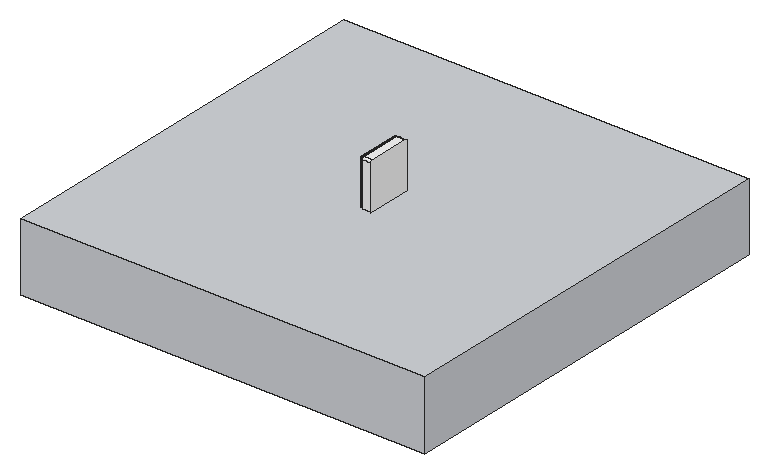
Revit family "SEWL-E", category Lighting Fixtures, host Face, Revit 2012
Parameters (values of type "SEWL-E")
  Wattage Comments = "2.64-3.50W"
  Wattage = 9.2903 W
  built-in parameter 1150110 = 1 (stored number, unit not read)
  URL = "http://www.dual-lite.com/"
  built-in parameter 1114217 = 1 (stored number, unit not read)
  built-in parameter 1150109 = 1 (stored number, unit not read)
  built-in parameter 1150134 = 3
  built-in parameter 1150113 = 1 (stored number, unit not read)
  Product Page URL = "http://www.dual-lite.com/products/sewl_series/"
  Product Documentation Link = "http://www.dual-lite.com/content/products/specs/specs_files/0603428b_sewl_spec_sheet.pdf"
  Mounting = "End Mount"  # constant formula
  Model = "SEWL"  # constant formula
  Manufacturer Phone = "(864)-678-1000"  # constant formula
  Manufacturer Fax = "(864)-678-1415"  # constant formula
  Manufacturer = "Dual-Lite"  # constant formula
  built-in parameter 1150105 = 109.82 (stored number, unit not read)
  Lumens = 1380 lm
  built-in parameter 1150115 = 1 (stored number, unit not read)
  Light Source Symbol Size = 0.200"
  built-in parameter 1150137 = (empty or 0)
  built-in parameter 1150139 = (empty or 0)
  Lettering = Red
  built-in parameter 1150112 = 1 (stored number, unit not read)
  built-in parameter 1150114 = 1 (stored number, unit not read)
  Lamp = "LED"  # constant formula
  built-in parameter 1150132 = (empty or 0)
  built-in parameter 1150102 = (empty or 0)
  built-in parameter 1150107 = 3200 (stored number, unit not read)
  built-in parameter 1150138 = (empty or 0)
  built-in parameter 1150106 = 1.0982 (stored number, unit not read)
  Glass = Glass
  Family = "Outdoor Emergency Lighting"  # constant formula
  Emit from Line Length = 10.000"
  built-in parameter 1150104 = 13.8 (stored number, unit not read)
  Dimming Lamp Color Temperature Shift = <None>
  Description = "Exit Sign, Harsh Environment, Die-Cast Aluminum Housing"  # constant formula
  Default Elevation = 48.000"
  Color Filter = 16777215
  built-in parameter 1114218 = 1 (stored number, unit not read)
  Backbox = White
  built-in parameter 1150133 = 10 (stored number, unit not read)
Reference planes (in)
  plane 1 "Center (Front/Back)": y = 0.03999
  plane 2: z = 4.27647
  plane 3 "Center (Left/Right)": x = 0
  plane 4: y = 5.02359
  plane 5: z = 15.14797
  plane 6: through (-3.31076, -180, 0.4602) normal (-0.0001, 0, 1)
  plane 7: y = -1.19361
  plane 8: y = 1.27359
  plane 9: y = -1.19361
  plane 10: y = -0.81857
  plane 11: through (0.77374, -180, -3.95583) normal (-1, 0, -0.0001)
  plane 12: x = -1.2336
  plane 13: x = 1.2336
  plane 14: through (-180.03999, 0.00274, 1.81248) normal (0, 1, 0.0001)
  plane 15: through (-180.03999, 0.00192, 13.75794) normal (0, -1, -0.0001)
  plane 16: y = 0.89855
Forms (in)
  Extrusion 1, solid
    sketch origin (0, 0, 0.06357) x (1, 0, 0) y (0, 1, 0)
      loop
        line (-48, 48) -> (-48, -48) -> (48, -48) -> (48, 48) -> (-48, 48)
    from 4.2129 to -12
  Extrusion 2, solid, material "White" <- "Backbox"
    sketch origin (0.03999, -0.07477, 0.46073) x (0, -1, -0.000069) y (-1, 0, 0)
      loop
        line (-2.625, 1.85222) -> (-2.625, 0.03999) -> (-2.625, -1.77223)
        arc (-2.625, -1.77223) -> (-2.56642, -1.91365) -> (-2.425, -1.97223) r 0.2
        line (-2.425, -1.97223) -> (2.425, -1.97223)
        arc (2.425, -1.97223) -> (2.56642, -1.91365) -> (2.625, -1.77223) r 0.2
        line (2.625, -1.77223) -> (2.625, 0.03999) -> (2.625, 1.85222)
        arc (2.625, 1.85222) -> (2.56642, 1.99364) -> (2.425, 2.05222) r 0.2
        line (2.425, 2.05222) -> (-2.425, 2.05222)
        arc (-2.425, 2.05222) -> (-2.56642, 1.99364) -> (-2.625, 1.85222) r 0.2
    from 0 to 0.39716
  Extrusion 3, solid, material "White" <- "Backbox"
    sketch origin (0, 5.51522, 7.80486) x (0, -0.000069, 1) y (0, -1, -0.000069)
      loop
        arc (-6.94375, 10.93507) -> (-7.22659, 10.81791) -> (-7.34375, 10.53507) r 0.4
        line (-7.34375, 10.53507) -> (-7.34375, 0.83426)
        arc (-7.34375, 0.83426) -> (-7.22659, 0.55141) -> (-6.94375, 0.43426) r 0.4
        line (-6.94375, 0.43426) -> (6.94375, 0.43426)
        arc (6.94375, 0.43426) -> (7.22659, 0.55141) -> (7.34375, 0.83426) r 0.4
        line (7.34375, 0.83426) -> (7.34375, 10.53507)
        arc (7.34375, 10.53507) -> (7.22659, 10.81791) -> (6.94375, 10.93507) r 0.4
        line (6.94375, 10.93507) -> (-6.94375, 10.93507)
    from -0.71562 to 1.2336
  Extrusion 4, solid, material "Glass" <- "Glass"
    sketch origin (0, 5.51522, 7.80486) x (0, -0.000069, 1) y (0, -1, -0.000069)
      loop
        line (-7.34375, 10.53507) -> (-7.34375, 0.83426)
        arc (-7.34375, 0.83426) -> (-7.22659, 0.55141) -> (-6.94375, 0.43426) r 0.4
        line (-6.94375, 0.43426) -> (6.94375, 0.43426)
        arc (6.94375, 0.43426) -> (7.22659, 0.55141) -> (7.34375, 0.83426) r 0.4
        line (7.34375, 0.83426) -> (7.34375, 10.53507)
        arc (7.34375, 10.53507) -> (7.22659, 10.81791) -> (6.94375, 10.93507) r 0.4
        line (6.94375, 10.93507) -> (-6.94375, 10.93507)
        arc (-6.94375, 10.93507) -> (-7.22659, 10.81791) -> (-7.34375, 10.53507) r 0.4
      loop
        line (-7.24375, 10.53507) -> (-7.24375, 0.83426)
        arc (-7.24375, 0.83426) -> (-7.15588, 0.62213) -> (-6.94375, 0.53426) r 0.3
        line (-6.94375, 0.53426) -> (6.94375, 0.53426)
        arc (6.94375, 0.53426) -> (7.15588, 0.62213) -> (7.24375, 0.83426) r 0.3
        line (7.24375, 0.83426) -> (7.24375, 10.53507)
        arc (7.24375, 10.53507) -> (7.15588, 10.7472) -> (6.94375, 10.83507) r 0.3
        line (6.94375, 10.83507) -> (-6.94375, 10.83507)
        arc (-6.94375, 10.83507) -> (-7.15588, 10.7472) -> (-7.24375, 10.53507) r 0.3
    from -1.2336 to -0.71562
  Extrusion 5, solid, material "White" <- "Backbox"
    sketch origin (0, 5.51522, 7.80486) x (0, -0.000069, 1) y (0, 1, 0.000069)
      loop
        line (-6.14375, -9.73507) -> (6.14375, -9.73507) -> (6.14375, -1.26357) -> (-6.14375, -1.26357) -> (-6.14375, -9.73507)
    from 0.71562 to 0.85856
  Extrusion 6, solid, material "Glass" <- "Glass"
    sketch origin (0, 5.51522, 7.80486) x (0, -0.000069, 1) y (0, -1, -0.000069)
      loop
        arc (-7.24375, 0.83426) -> (-7.15588, 0.62213) -> (-6.94375, 0.53426) r 0.3
        line (-6.94375, 0.53426) -> (6.94375, 0.53426)
        arc (6.94375, 0.53426) -> (7.15588, 0.62213) -> (7.24375, 0.83426) r 0.3
        line (7.24375, 0.83426) -> (7.24375, 10.53507)
        arc (7.24375, 10.53507) -> (7.15588, 10.7472) -> (6.94375, 10.83507) r 0.3
        line (6.94375, 10.83507) -> (-6.94375, 10.83507)
        arc (-6.94375, 10.83507) -> (-7.15588, 10.7472) -> (-7.24375, 10.53507) r 0.3
        line (-7.24375, 10.53507) -> (-7.24375, 0.83426)
    from -1.2336 to -1.1094
  Extrusion 7, solid, material "Red" <- "Lettering"
    sketch origin (-0.03999, -4.87737, 8.81501) x (0, 0.000069, -1) y (0, -1, -0.000069)
      loop
        line (4.26086, -7.32353) -> (3.07884, -7.32353) -> (3.07884, -7.82353) -> (4.76086, -7.82353) -> (4.76086, -4.92704) -> (4.76086, -2.03056) -> (3.07884, -2.03056) -> (3.07884, -2.53056) -> (4.26086, -2.53056) -> (4.26086, -4.61247) -> (3.07884, -4.61247) -> (3.07884, -4.92704) -> (3.07884, -5.24161) -> (4.26086, -5.24161) -> (4.26086, -7.32353)
      loop
        line (2.47814, -7.82243) -> (1.80969, -4.92704) -> (2.47814, -2.03165) -> (1.82285, -2.03165) -> (1.53481, -2.82304) -> (1.24677, -2.03165) -> (0.59148, -2.03165) -> (1.25993, -4.92704) -> (0.59148, -7.82243) -> (1.24677, -7.82243) -> (1.53481, -7.03104) -> (1.82285, -7.82243) -> (2.47814, -7.82243)
      loop
        line (-0.17116, -7.82353) -> (-0.17116, -2.03165) -> (-0.771, -2.03165) -> (-0.771, -7.82353) -> (-0.17116, -7.82353)
      loop
        line (-2.15022, -2.03165) -> (-2.75006, -2.03165) -> (-2.75006, -7.09997) -> (-3.61882, -7.09997) -> (-3.61882, -7.75526) -> (-1.36882, -7.75526) -> (-1.36882, -7.09997) -> (-2.15022, -7.09997) -> (-2.15022, -2.03165)
    from 0.81857 to 0.89925
  Extrusion 8, solid, material "Red"
    sketch origin (0.03999, -3.02135, 7.55877) x (0, -0.000069, 1) y (0, 1, 0.000069)
      loop
        line (-4.97072, 3.79907) -> (-5.7461, 3.02369) -> (-4.97072, 2.24831) -> (-4.58478, 2.24831) -> (-5.36016, 3.02369) -> (-4.58478, 3.79907) -> (-4.97072, 3.79907)
      loop
        line (5.42318, 3.79907) -> (5.03724, 3.79907) -> (5.81262, 3.02369) -> (5.03724, 2.24831) -> (5.42318, 2.24831) -> (6.19856, 3.02369) -> (5.42318, 3.79907)
    from 0.89855 to 0.97923
Dimensions and locks (in)
  locked: plane 5 to plane 2 at 10.8715
  locked: Extrusion 5 sketch curve to Extrusion 5 sketch curve at 8.4715
  locked: Extrusion 5 sketch curve to Extrusion 5 sketch curve at 12.2875
  plane 4 to plane 8 = 3.750"
  aligned and locked: plane 2 to Extrusion 1
  aligned and locked: Extrusion 3 to Extrusion 4
  aligned and locked: Extrusion 7 sketch curve to Extrusion 7 sketch curve
  aligned and locked: Extrusion 8 sketch curve to plane 14  (x4)
  aligned and locked: plane 15 to Extrusion 8 sketch curve  (x4)
  aligned and locked: Extrusion 4 to Extrusion 6
  aligned and locked: plane 12 to Extrusion 4
  aligned and locked: Extrusion 3 to plane 13
Connectors (in)
  electrical at (0, 0, 0.06357), driven by "Description"
    settings: index 1, voltage 0 V, apparent load 0 VA, apparent load phase1 0 VA, apparent load phase2 0 VA, apparent load phase3 0 VA, power factor 1, load classification "Other", number of poles 1, system type 30, power factor state 1, is connector primary yes, connector utility no, sub classification motor no, connector description "Exit Sign, Harsh Environment, Die-Cast Aluminum Housing"
